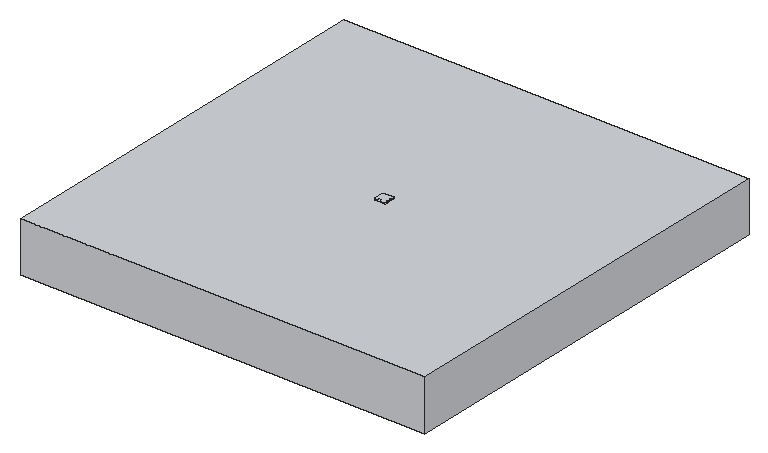
Revit family "Gira_039800", category Allgemeines Modell, Revit 2017
Family settings
  Basisbauteil = Fläche
  Kann Basisbauteil für Bewehrung sein = Nein
  Bemaßung runder Anschluss = Durchmesser verwenden
  Teiletyp = Normal
  Beim Laden mit Abzugskörper schneiden = Nein
  Gemeinsam genutzt = Nein
  Raumberechnungspunkt = Nein
Parameters
  With memory function = no
  With glass breaking detector connection = no
  With brightness sensor connection = no
  With Astro program = no
  Default Elevation = 1219.2 mm
  URL = "https://www.gira.de/"
  Typname = "Blind cont. 230 V + aux.input Insert"
  Type of fastening = "Mounting with claw and screw"
  Transparent = no
  Switch-off protection = no
  Surface protection = "Other"
  Surface finishing = "Not applicable"
  Suitable for wind sensor = no
  Suitable for rain sensor = no
  Suitable for degree of protection (IP) = "IP20"
  Substation input = yes
  Random generator = no
  Productwebsite = "http://katalog.gira.de/en/datenblatt.html?artikelnr=039800"
  Nominal voltage [Volt] = 230
  Mounting method = "Flush mounted (plaster)"
  Max. switching power [Voltampere] = 1000
  Material quality = "Other"
  Material = "Other"
  Integrated timer = no
  Hersteller = "Gira"
  Halogen free = no
  HAN = "039800"
  GTIN = "4010337398004"
  Data sheet = "https://katalog.gira.de/en/download.html?artikelnr=039800"
  Colour = "Other"
  Beschreibung = "Blind cont.230V aux.in. Ins.,Blind controller insert 230 V~ with auxiliary input,,,Features:,Can be set with eNet server.:,- Localisation of the device.,- Fully encrypted wireless transmission (AES CCM) from eNet Server software version 2.0.,- Operation locks.,- Device software update.,- Control of a blind or shutter motor with mechanical or electronic end-position switches.,- Mechanical buttons or additional blind controller inserts which can be connected via 230 V auxiliary inputs for establishing group controls.,- Wind alarm function\" can be realised using auxiliary inputs.,- Motor protection using mutually interlocked relay contacts with a minimum changeover time.,,Notes :,- The range can be reduced when using a metal top unit and or metal cover frames.,- Wireless approval is valid for EU and EFTA countries.,- N conductor required.,- Using a deep device box is recommended.\""
  BIM = "https://media.stage.bim.site/public/gira/ad86d9f/Einsatz_1fach.rfa"
  Assembly arrangement = "Basic element"
Reference planes
  plane 1 "Center (Front/Back)": y = 0
  plane 2: z = 0
  plane 3 "Center (Left/Right)": x = 0
Forms (mm)
  Extrusion 1, solid
    sketch origin (0, 0, 0) x (1, 0, 0) y (0, 1, 0)
      loop
        line (-1219.2, 1219.2) -> (-1219.2, -1219.2) -> (1219.2, -1219.2) -> (1219.2, 1219.2) -> (-1219.2, 1219.2)
    from 0 to -304.8
  Extrusion 2, solid, detail levels fine
    sketch origin (0, 0, 0) x (1, 0, 0) y (0, 1, 0)
      loop
        line (27.475, 35.475) -> (-27.475, 35.475)
        arc (-27.475, 35.475) -> (-33.132, 33.132) -> (-35.475, 27.475) r 8
        line (-35.475, 27.475) -> (-35.475, -27.475)
        arc (-35.475, -27.475) -> (-33.132, -33.132) -> (-27.475, -35.475) r 8
        line (-27.475, -35.475) -> (27.475, -35.475)
        arc (27.475, -35.475) -> (33.132, -33.132) -> (35.475, -27.475) r 8
        line (35.475, -27.475) -> (35.475, 27.475)
        arc (35.475, 27.475) -> (33.132, 33.132) -> (27.475, 35.475) r 8
    from 0 to 1.8
  Extrusion 3, solid, detail levels fine
    sketch origin (0, 0, 0) x (1, 0, 0) y (0, 1, 0)
      loop
        line (9.678, 25.4) -> (-9.678, 25.4)
        arc (-9.678, 25.4) -> (-12.885, 24.922) -> (-15.814, 23.53) r 11
        arc (-15.814, 23.53) -> (-17.795, 22.07) -> (-19.641, 20.444) r 28.35
        arc (-19.641, 20.444) -> (-21.339, 18.665) -> (-22.876, 16.745) r 28.35
        arc (-22.876, 16.745) -> (-24.456, 13.666) -> (-25, 10.248) r 11
        line (-25, 10.248) -> (-25, -10.248)
        arc (-25, -10.248) -> (-24.456, -13.666) -> (-22.876, -16.745) r 11
        arc (-22.876, -16.745) -> (-20.409, -19.677) -> (-17.569, -22.25) r 28.35
        line (-17.569, -22.25) -> (17.569, -22.25)
        arc (17.569, -22.25) -> (20.409, -19.677) -> (22.876, -16.745) r 28.35
        arc (22.876, -16.745) -> (24.456, -13.666) -> (25, -10.248) r 11
        line (25, -10.248) -> (25, 10.248)
        arc (25, 10.248) -> (24.456, 13.666) -> (22.876, 16.745) r 11
        arc (22.876, 16.745) -> (21.593, 18.37) -> (20.195, 19.897) r 28.35
        arc (20.195, 19.897) -> (18.096, 21.823) -> (15.814, 23.53) r 28.35
        arc (15.814, 23.53) -> (12.885, 24.922) -> (9.678, 25.4) r 11
    from 0 to -22
  Extrusion 4, solid, detail levels medium
    sketch origin (0, 0, 0) x (1, 0, 0) y (0, 1, 0)
      loop
        line (-25, 25.4) -> (-25, -22.25) -> (25, -22.25) -> (25, 25.4) -> (-25, 25.4)
    from 0 to -22
  Extrusion 5, solid, detail levels coarse
    sketch origin (0, 0, 0) x (1, 0, 0) y (0, 1, 0)
      loop
        line (35.475, 35.475) -> (-35.475, 35.475) -> (-35.475, -35.475) -> (35.475, -35.475) -> (35.475, 35.475)
    from -22 to 1.8
  Extrusion 6, solid, detail levels medium
    sketch origin (0, 0, 0) x (1, 0, 0) y (0, 1, 0)
      loop
        line (35.475, 35.475) -> (-35.475, 35.475) -> (-35.475, -35.475) -> (35.475, -35.475) -> (35.475, 35.475)
    from 0 to 1.8
Dimensions and locks
  aligned and locked: plane 2 to Extrusion 1
  aligned and locked: level to Extrusion 1
Connectors
  electrical at (0, 0, -22)
    settings: on Extrusion 5, index 1, voltage 220 V, apparent load 0 VA, apparent load phase1 0 VA, apparent load phase2 0 VA, apparent load phase3 0 VA, power factor 1, load classification "Other", number of poles 1, system type 30, power factor state 1, is connector primary yes, connector utility no, sub classification motor no, connector description ""
